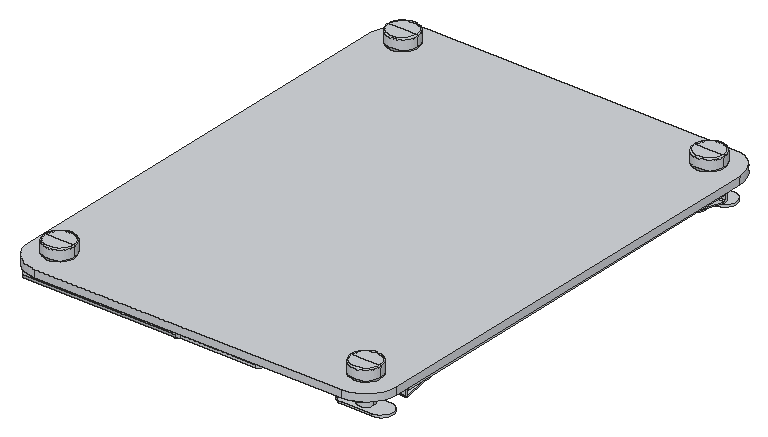
Revit family "Ghent - Swing Changeable Glassboard", category Generic Models, host Face, Revit 2019
Family settings
  Host = Face
  Can host rebar = No
  Round Connector Dimension = Use Diameter
  Part Type = Normal
  Cut with Voids When Loaded = No
  Shared = No
  Room Calculation Point = No
Parameters (values of type "16"H x 12"W")
  Width = 1' - 0"
  URL = "https://ghent.com/swing-changeable-glassboards"
  Model = "GGSW1612-XX"
  Manufacturer = "Ghent"  # constant formula
  Insert Slide Percentage (0 - 100) [instance] = 0
  Insert [instance] = none
  Height = 1' - 4"
  Hardware [instance] = none
  Glassboard Swing Angle Control [instance] = if([Glassboard Swing Angle (0 - 90)] < 0.00°, 0.00°, if([Glassboard Swing Angle (0 - 90)] > 90.00°, 90.00°, [Glassboard Swing Angle (0 - 90)]))  # 0.00°
  Glassboard Swing Angle (0 - 90) [instance] = 0.00°
  Glassboard [instance] = none
  Default Elevation = 4' - 0"
Types (6): name | Width | Model | Height
  (no name) | 1' - 0" | "GGSW1612-XX" | 1' - 4"
  16"H x 12"W | 1' - 0" | "GGSW1612-XX" | 1' - 4"
  24"H x 18"W | 1' - 6" | "GGSW2418-XX" | 2' - 0"
  24"H x 24"W | 2' - 0" | "GGSW2424-XX" | 2' - 0"
  30"H x 24"W | 2' - 0" | "GGSW3024-XX" | 2' - 6"
  36"H x 24"W | 2' - 0" | "GGSW3624-XX" | 3' - 0"
Reference planes (in)
  plane 1 "Center (Front/Back)": y = 0
  plane 2: z = 0
  plane 3 "Center (Left/Right)": x = 0
  plane 4: x = -5.6875
  plane 5: x = 5.6875
  plane 6: x = -6
  plane 7: x = 6
  plane 8: z = 0.30728
  plane 9 "b": y = -7
  plane 10: y = -8
  plane 11 "a": y = 7
  plane 12: y = 8
  plane 13: x = 5
  plane 14: x = -5
  plane 15 "2d": z = 0.89168
Forms (in)
  Extrusion 1, solid, material <- "Hardware"
    sketch origin (-19, 0, 0) x (1, 0, 0) y (0, 1, 0)
      loop
        arc (23.5, 7.375) -> (23.125, 7) -> (23.5, 6.625) r 0.375
        line (23.5, 6.625) -> (24.5, 6.625)
        arc (24.5, 6.625) -> (24.875, 7) -> (24.5, 7.375) r 0.375
        line (24.5, 7.375) -> (23.5, 7.375)
    from 0 to 0.06
  Extrusion 2, solid, material <- "Hardware"
    sketch origin (-19, 0, 0) x (1, 0, 0) y (0, 1, 0)
      loop
        circle (24, 7) r 0.25
    from 0 to 0.65368
  Extrusion 3, solid, material <- "Hardware"
    sketch origin (-19, 0, 0) x (1, 0, 0) y (0, 1, 0)
      loop
        line (23.5, -7.375) -> (24.5, -7.375)
        arc (24.5, -7.375) -> (24.875, -7) -> (24.5, -6.625) r 0.375
        line (24.5, -6.625) -> (23.5, -6.625)
        arc (23.5, -6.625) -> (23.125, -7) -> (23.5, -7.375) r 0.375
    from 0 to 0.06
  Extrusion 4, solid, material <- "Hardware"
    sketch origin (-19, 0, 0) x (1, 0, 0) y (0, 1, 0)
      loop
        circle (24, -7) r 0.25
    from 0 to 0.65368
Cuts and joins
  joined: Extrusion 1, Extrusion 2
  joined: Extrusion 3, Extrusion 4
Lines and regions (in)
  Masking region 1
    outline origin (-5.6875, 0, 0.30728) x (1, 0, 0) y (0, 0, 1)
      loop
        line (10.6875, 0) -> (10.4375, 0) -> (10.4375, -0.24728) -> (9.8125, -0.24728) -> (9.8125, -0.30728) -> (11.5625, -0.30728) -> (11.5625, -0.24728) -> (10.9375, -0.24728) -> (10.9375, 0) -> (10.6875, 0)
  reference lines
    curve 1: line (-5.6875, 0, 0.30728) -> (3.8125, 0, 0.30728)
Dimensions and locks (in)
  equal spacing: plane 4, plane 3 "Center (Left/Right)", plane 5
  locked: plane 6 to plane 4 at 0.3125
  locked: plane 7 to plane 5 at 0.3125
  "Width": plane 6 to plane 7
  locked: plane 10 to plane 9 "b" at 1
  locked: plane 12 to plane 11 "a" at 1
  equal spacing: plane 10, plane 1 "Center (Front/Back)", plane 12
  "Height": plane 10 to plane 12
  locked: plane 13 to plane 7 at 1
  locked: plane 13 to Extrusion 1 sketch curve at 0.5
  locked: Extrusion 1 sketch curve to plane 13 at 0.5
  locked: plane 14 to plane 6 at 1
  locked: Extrusion 3 sketch curve to plane 13 at 0.5
  locked: plane 13 to Extrusion 3 sketch curve at 0.5
  Masking region 1 sketch curve to plane 13 to Masking region 1 sketch curve = 0' - 0 1/4" locked, 0' - 0 1/4" locked
  Masking region 1 sketch curve to plane 13 to Masking region 1 sketch curve = 0' - 0 7/8" locked, 0' - 0 7/8" locked
  "Glassboard Swing Angle Control": angle plane 2 to curve 1
  aligned and locked: plane 2 to host face
  aligned and locked: level to host face
  aligned and locked: plane 8 to curve 1
  aligned and locked: plane 4 to nested 2
  aligned and locked: nested 2 to plane 9 "b"
  aligned and locked: nested 3 to plane 11 "a"
  aligned and locked: nested 3 to plane 4
  aligned and locked: plane 13 to Extrusion 2 sketch curve
  aligned and locked: plane 11 "a" to Extrusion 2 sketch curve
  aligned and locked: plane 13 to Extrusion 4 sketch curve
  aligned and locked: plane 9 "b" to Extrusion 4 sketch curve
Automatic sketch dimensions
  host sketch curve to host sketch curve = 8' - 0"  (x2)
  plane 11 "a" to Extrusion 1 sketch curve = 0' - 0"
  plane 11 "a" to Extrusion 1 sketch curve = 0' - 0 3/8"
  Extrusion 3 sketch curve to plane 9 "b" = 0' - 0"
  Extrusion 3 sketch curve to plane 9 "b" = 0' - 0 3/8"
  Masking region 1 sketch curve to curve 1 = 0' - 0"
  curve 1 to Masking region 1 sketch curve = 0' - 0.30728"
  curve 1 to Masking region 1 sketch curve = 0' - 0.24728"  (x2)
  Masking region 1 sketch curve to Masking region 1 sketch curve = 0' - 0 1/4"
  curve 1 to plane 4 = 0' - 0"
  radius of Extrusion 2 sketch curve = 0' - 0 1/4"
  radius of Extrusion 4 sketch curve = 0' - 0 1/4"
Nested families (in)
  nested 1: "Ghent - Swing Changeable Glassboard Unit FB" at (0, 0, 0.30728), type "Ghent - Swing Changeable Glassboard Unit FB"
  nested 2: "Ghent - Swing Changeable Glassboard Bracket" at (-2.0625, -7, 0), type "Ghent - Swing Changeable Glassboard Bracket"
  nested 3: "Ghent - Swing Changeable Glassboard Bracket" at (-2.0625, 7, 0), type "Ghent - Swing Changeable Glassboard Bracket"
Definition of nested family "Ghent - Swing Changeable Glassboard Unit FB"
  Parameters (values of type "Ghent - Swing Changeable Glassboard Unit FB")
    Width = 1' - 0"
    Insert Slide Percentage (0-100) = 0
    Insert = none
    Height = 1' - 4"
    Hardware = none
    Glassboard = none
    Default Elevation = 4' - 0"
  Reference planes (in)
    plane 1 "Center (Front/Back)": y = 0
    plane 2: z = 0
    plane 3 "Center (Left/Right)": x = 0
    plane 4: x = -5.6875
    plane 5: x = -6
    plane 6: x = 5.6875
    plane 7: x = 6
    plane 8: z = 0.00297
  Forms (in)
    Extrusion 1, solid
      sketch origin (0, 0, 0) x (1, 0, 0) y (0, 1, 0)
        loop
          line (-48, 48) -> (-48, -48) -> (48, -48) -> (48, 48) -> (-48, 48)
      from 0 to -12
  Lines and regions (in)
    reference lines
      curve 1: line (-5.6875, 0, 0.00297) -> (5.6875, 0, 0.00297)
  Dimensions and locks (in)
    locked: plane 4 to plane 5 at 0.3125
    locked: plane 6 to plane 7 at 0.3125
    "Width": plane 7 to plane 5
    aligned and locked: plane 2 to Extrusion 1
    aligned and locked: level to Extrusion 1
    aligned and locked: plane 4 to curve 1
    aligned and locked: plane 6 to curve 1
    aligned and locked: plane 8 to curve 1
    aligned and locked: plane 5 to nested 1
  Automatic sketch dimensions
    Extrusion 1 sketch curve to Extrusion 1 sketch curve = 8' - 0"  (x2)
  Nested families (in)
    nested 1: "Ghent - Swing Changeable Glassboard Unit" at (0, 0, 0.31725), Insert Slide Percentage (0-100) <- "Insert Slide Percentage (0-100)", type "Ghent - Swing Changeable Glassboard Unit"
      with Insert Slide Percentage (0-100) 0, Insert Slide Control 0, Insert Position 0' - 0 1/16"
  Definition of nested family "Ghent - Swing Changeable Glassboard Unit"
    Parameters (values of type "Ghent - Swing Changeable Glassboard Unit")
      Width = 1' - 0"
      Insert Width = Width - 0' 0 1/8"  # 0' - 11 7/8"
      Insert Slide Percentage (0-100) [instance] = 0
      Insert Position [instance] = if(Insert Slide Control = 0, 0' 0 1/16", if(Insert Slide Control = 100, Width - 0' 1", (Width) * (Insert Slide Control * 0.01)))  # 0' - 0 1/16"
      Insert Slide Control [instance] = if([Insert Slide Percentage (0-100)] < 0, 0, if([Insert Slide Percentage (0-100)] > 100, 100, [Insert Slide Percentage (0-100)]))  # 0
      Insert = none
      Height = 1' - 4"
      Hardware = none
      Glassboard = none
    Reference planes (in)
      plane 1 "Center Front/Back": y = 0
      plane 2: z = 0
      plane 3 "Center Left/Right": x = 0
      plane 4: y = 8
      plane 5: y = -8
      plane 6: x = -6
      plane 7: x = 6
      plane 8 "1": x = -5
      plane 9 "a": y = 7
      plane 10 "b": y = -7
      plane 11 "2": x = 5
      plane 12: x = -5.9375
      plane 13: y = 5.29821
      plane 14: y = -5.29821
      plane 15: y = 7.9375
      plane 16: x = 5.9375
      plane 17: y = -7.9375
      plane 18: y = 6.4375
      plane 19: y = -6.4375
      plane 20: x = -5.9375
      plane 21: z = -0.31725
    Forms (in)
      Extrusion 1, solid, material <- "Glassboard"
        sketch origin (0, 0, 0) x (1, 0, 0) y (0, 1, 0)
          loop
            line (-6, 7) -> (-6, -7)
            arc (-6, -7) -> (-5.70711, -7.70711) -> (-5, -8) r 1
            line (-5, -8) -> (5, -8)
            arc (5, -8) -> (5.70711, -7.70711) -> (6, -7) r 1
            line (6, -7) -> (6, 7)
            arc (6, 7) -> (5.70711, 7.70711) -> (5, 8) r 1
            line (5, 8) -> (-5, 8)
            arc (-5, 8) -> (-5.70711, 7.70711) -> (-6, 7) r 1
        from 0 to 0.238
      Revolve 2, solid, material <- "Hardware"
        sketch origin (0, 7, 0) x (-1, 0, 0) y (0, 0, 1)
          loop
            line (5, 0.6755) -> (5, -0.016) -> (5.181, -0.016) -> (5.181, 0.238) -> (5.311, 0.238) -> (5.311, 0.3005) -> (5.45896, 0.3005)
            arc (5.45896, 0.3005) -> (5.48106, 0.30965) -> (5.49021, 0.33175) r 0.03125
            line (5.49021, 0.33175) -> (5.49021, 0.64425)
            arc (5.49021, 0.64425) -> (5.48106, 0.66635) -> (5.45896, 0.6755) r 0.03125
            line (5.45896, 0.6755) -> (5, 0.6755)
          axis (5, 0.6755) -> (5, -0.016)
        angle from 0 to 360
      Revolve 3, solid, material <- "Hardware"
        sketch origin (0, -7, 0) x (-1, 0, 0) y (0, 0, 1)
          loop
            line (5, 0.6755) -> (5, -0.016) -> (5.181, -0.016) -> (5.181, 0.238) -> (5.311, 0.238) -> (5.311, 0.3005) -> (5.45896, 0.3005)
            arc (5.45896, 0.3005) -> (5.48106, 0.30965) -> (5.49021, 0.33175) r 0.03125
            line (5.49021, 0.33175) -> (5.49021, 0.64425)
            arc (5.49021, 0.64425) -> (5.48106, 0.66635) -> (5.45896, 0.6755) r 0.03125
            line (5.45896, 0.6755) -> (5, 0.6755)
          axis (5, 0.6755) -> (5, -0.016)
        angle from 0 to 360
      Revolve 4, solid, material <- "Hardware"
        sketch origin (0, 7, 0) x (1, 0, 0) y (0, 0, 1)
          loop
            line (5, 0.6755) -> (5, -0.016) -> (5.181, -0.016) -> (5.181, 0.238) -> (5.311, 0.238) -> (5.311, 0.3005) -> (5.45896, 0.3005)
            arc (5.45896, 0.3005) -> (5.48106, 0.30965) -> (5.49021, 0.33175) r 0.03125
            line (5.49021, 0.33175) -> (5.49021, 0.64425)
            arc (5.49021, 0.64425) -> (5.48106, 0.66635) -> (5.45896, 0.6755) r 0.03125
            line (5.45896, 0.6755) -> (5, 0.6755)
          axis (5, 0.6755) -> (5, -0.016)
        angle from 0 to 360
      Revolve 5, solid, material <- "Hardware"
        sketch origin (0, -7, 0) x (1, 0, 0) y (0, 0, 1)
          loop
            line (5, 0.6755) -> (5, -0.016) -> (5.181, -0.016) -> (5.181, 0.238) -> (5.311, 0.238) -> (5.311, 0.3005) -> (5.45896, 0.3005)
            arc (5.45896, 0.3005) -> (5.48106, 0.30965) -> (5.49021, 0.33175) r 0.03125
            line (5.49021, 0.33175) -> (5.49021, 0.64425)
            arc (5.49021, 0.64425) -> (5.48106, 0.66635) -> (5.45896, 0.6755) r 0.03125
            line (5.45896, 0.6755) -> (5, 0.6755)
          axis (5, 0.6755) -> (5, -0.016)
        angle from 0 to 360
      Sweep 6, solid, material <- "Hardware"
        path origin (0, 0, 0) x (1, 0, 0) y (0, 1, 0)
          loop
            line (-6, 0) -> (6, 0)
        profile origin (0, 0, 0) x (0, 1, 0) y (0, 0, 1)
          loop
            line (7.9375, 0) -> (6.5625, 0)
            arc (6.5625, 0) -> (6.51495, -0.0197) -> (6.49525, -0.06725) r 0.06725
            line (6.49525, -0.06725) -> (6.49525, -0.25)
            arc (6.49525, -0.25) -> (6.48367, -0.27429) -> (6.4575, -0.28057) r 0.03125
            line (6.4575, -0.28057) -> (5.79821, -0.14043) -> (5.29821, -0.14043) -> (5.29821, -0.17643) -> (5.79443, -0.17643) -> (6.45002, -0.31578)
            arc (6.45002, -0.31578) -> (6.50632, -0.30226) -> (6.53125, -0.25) r 0.06725
            line (6.53125, -0.25) -> (6.53125, -0.06725)
            arc (6.53125, -0.06725) -> (6.5404, -0.04515) -> (6.5625, -0.036) r 0.03125
            line (6.5625, -0.036) -> (7.9375, -0.036) -> (7.9375, 0)
      Extrusion 7, void
        sketch origin (0, 0, 0) x (1, 0, 0) y (0, 1, 0)
          loop
            arc (-5.9375, 7) -> (-5.66291, 7.66291) -> (-5, 7.9375) r 0.9375
            line (-5, 7.9375) -> (-6, 7.9375) -> (-6, 5.29821) -> (-5.56231, 5.29821)
            arc (-5.56231, 5.29821) -> (-5.82761, 5.4081) -> (-5.9375, 5.6734) r 0.37519
            line (-5.9375, 5.6734) -> (-5.9375, 7)
          loop
            line (5.9375, 7) -> (5.9375, 5.6734)
            arc (5.9375, 5.6734) -> (5.82761, 5.4081) -> (5.56231, 5.29821) r 0.37519
            line (5.56231, 5.29821) -> (6, 5.29821) -> (6, 7.9375) -> (5, 7.9375)
            arc (5, 7.9375) -> (5.66291, 7.66291) -> (5.9375, 7) r 0.9375
          loop
            line (-5.9375, -7) -> (-5.9375, -5.6734)
            arc (-5.9375, -5.6734) -> (-5.82761, -5.4081) -> (-5.56231, -5.29821) r 0.37519
            line (-5.56231, -5.29821) -> (-6, -5.29821) -> (-6, -7.9375) -> (-5, -7.9375)
            arc (-5, -7.9375) -> (-5.66291, -7.66291) -> (-5.9375, -7) r 0.9375
          loop
            arc (5.9375, -7) -> (5.66291, -7.66291) -> (5, -7.9375) r 0.9375
            line (5, -7.9375) -> (6, -7.9375) -> (6, -5.29821) -> (5.56231, -5.29821)
            arc (5.56231, -5.29821) -> (5.82761, -5.4081) -> (5.9375, -5.6734) r 0.37519
            line (5.9375, -5.6734) -> (5.9375, -7)
        from -0.37347 to 0
      Sweep 8, solid, material <- "Hardware"
        path origin (0, 0, 0) x (1, 0, 0) y (0, 1, 0)
          loop
            line (-6, 0) -> (6, 0)
        profile origin (0, 0, 0) x (0, 1, 0) y (0, 0, 1)
          loop
            line (-7.9375, 0) -> (-7.9375, -0.036) -> (-6.5625, -0.036)
            arc (-6.5625, -0.036) -> (-6.5404, -0.04515) -> (-6.53125, -0.06725) r 0.03125
            line (-6.53125, -0.06725) -> (-6.53125, -0.25)
            arc (-6.53125, -0.25) -> (-6.50632, -0.30226) -> (-6.45002, -0.31578) r 0.06725
            line (-6.45002, -0.31578) -> (-5.79443, -0.17643) -> (-5.29821, -0.17643) -> (-5.29821, -0.14043) -> (-5.79821, -0.14043) -> (-6.4575, -0.28057)
            arc (-6.4575, -0.28057) -> (-6.48367, -0.27429) -> (-6.49525, -0.25) r 0.03125
            line (-6.49525, -0.25) -> (-6.49525, -0.06725)
            arc (-6.49525, -0.06725) -> (-6.51495, -0.0197) -> (-6.5625, 0) r 0.06725
            line (-6.5625, 0) -> (-7.9375, 0)
      Extrusion 9, solid, material <- "Insert"
        sketch origin (0, 0, 0) x (1, 0, 0) y (0, 1, 0)
          loop
            line (-5.9375, 6.4375) -> (-5.9375, -6.4375) -> (5.9375, -6.4375) -> (5.9375, 6.4375) -> (-5.9375, 6.4375)
        from -0.11811 to 0
    Cuts and joins
      Extrusion 7 cuts Extrusion 1
      Extrusion 7 cuts Sweep 6
      Extrusion 7 cuts Sweep 8
    Lines and regions (in)
      Masking region 1
        outline origin (0, 7, 0) x (-1, 0, 0) y (0, 0, 1)
          loop
            line (6, 0.238) -> (-6, 0.238) -> (-6, 0) -> (-5.9375, 0) -> (-5.9375, -0.31708) -> (5.9375, -0.31708) -> (5.9375, 0) -> (6, 0) -> (6, 0.238)
      Masking region 2
        outline origin (0, 7, 0) x (-1, 0, 0) y (0, 0, 1)
          loop
            arc (4.54104, 0.6755) -> (4.51894, 0.66635) -> (4.50979, 0.64425) r 0.03125
            line (4.50979, 0.64425) -> (4.50979, 0.33175)
            arc (4.50979, 0.33175) -> (4.51894, 0.30965) -> (4.54104, 0.3005) r 0.03125
            line (4.54104, 0.3005) -> (4.689, 0.3005) -> (4.689, 0.238) -> (5.311, 0.238) -> (5.311, 0.3005) -> (5.45896, 0.3005)
            arc (5.45896, 0.3005) -> (5.48106, 0.30965) -> (5.49021, 0.33175) r 0.03125
            line (5.49021, 0.33175) -> (5.49021, 0.64425)
            arc (5.49021, 0.64425) -> (5.48106, 0.66635) -> (5.45896, 0.6755) r 0.03125
            line (5.45896, 0.6755) -> (4.54104, 0.6755)
      Masking region 3
        outline origin (0, 7, 0) x (-1, 0, 0) y (0, 0, 1)
          loop
            arc (-5.45896, 0.6755) -> (-5.48106, 0.66635) -> (-5.49021, 0.64425) r 0.03125
            line (-5.49021, 0.64425) -> (-5.49021, 0.33175)
            arc (-5.49021, 0.33175) -> (-5.48106, 0.30965) -> (-5.45896, 0.3005) r 0.03125
            line (-5.45896, 0.3005) -> (-5.311, 0.3005) -> (-5.311, 0.238) -> (-4.689, 0.238) -> (-4.689, 0.3005) -> (-4.54104, 0.3005)
            arc (-4.54104, 0.3005) -> (-4.51894, 0.30965) -> (-4.50979, 0.33175) r 0.03125
            line (-4.50979, 0.33175) -> (-4.50979, 0.64425)
            arc (-4.50979, 0.64425) -> (-4.51894, 0.66635) -> (-4.54104, 0.6755) r 0.03125
            line (-4.54104, 0.6755) -> (-5.45896, 0.6755)
      symbolic lines
        curve 1: line (-5.9375, 7, 0) -> (5.9375, 7, 0)
    Dimensions and locks (in)
      plane 4 to plane 9 "a" = 0' - 1"
      locked: plane 6 to plane 8 "1" at 1
      plane 5 to plane 10 "b" = 0' - 1"
      locked: plane 7 to plane 11 "2" at 1
      equal spacing: plane 6, plane 3 "Center Left/Right", plane 7
      equal spacing: plane 4, plane 1 "Center Front/Back", plane 5
      "Height": plane 4 to plane 5
      "Width": plane 6 to plane 7
      plane 6 to plane 12 = 0' - 0 1/16"
      locked: plane 9 "a" to plane 13 at 1.70179
      locked: plane 10 "b" to plane 14 at 1.70179
      locked: plane 4 to plane 15 at 0.0625
      plane 7 to plane 16 = 0' - 0 1/16"
      locked: plane 5 to plane 17 at 0.0625
      locked: plane 15 to plane 18 at 1.5
      locked: plane 17 to plane 19 at 1.5
      "Insert Position": plane 6 to plane 20
      "Insert Width": Extrusion 9 sketch curve to Extrusion 9 sketch curve
      Masking region 2 sketch curve to plane 8 "1" to Masking region 2 sketch curve = 0' - 0.49021" locked, 0' - 0.49021" locked
      Masking region 2 sketch curve to plane 8 "1" to Masking region 2 sketch curve = 0' - 0.311" locked, 0' - 0.311" locked
      Masking region 3 sketch curve to plane 11 "2" to Masking region 3 sketch curve = 0' - 0.49021" locked, 0' - 0.49021" locked
      Masking region 3 sketch curve to plane 11 "2" to Masking region 3 sketch curve = 0' - 0.311" locked, 0' - 0.311" locked
      aligned and locked: level to plane 2
      aligned and locked: plane 8 "1" to Revolve 2 sketch curve  (x2)
      aligned and locked: Revolve 5 sketch curve to plane 11 "2"  (x2)
      aligned and locked: Revolve 4 sketch curve to plane 11 "2"  (x2)
      aligned and locked: plane 6 to Sweep 6 sketch curve
      aligned and locked: plane 7 to Sweep 6 sketch curve
      aligned and locked: Extrusion 7 sketch curve to plane 12
      aligned and locked: Extrusion 7 sketch curve to plane 13
      aligned and locked: plane 6 to Extrusion 7 sketch curve
      aligned and locked: Extrusion 7 sketch curve to plane 15
      aligned and locked: Extrusion 7 sketch curve to plane 7
      aligned and locked: plane 13 to Extrusion 7 sketch curve
      aligned and locked: plane 14 to Extrusion 7 sketch curve
      aligned and locked: Extrusion 7 sketch curve to plane 14
      aligned and locked: plane 7 to Extrusion 7 sketch curve
      aligned and locked: Extrusion 7 sketch curve to plane 17
      aligned and locked: plane 17 to Extrusion 7 sketch curve
      aligned and locked: plane 15 to Sweep 6 sketch curve
      aligned and locked: Sweep 6 sketch curve to plane 13
      aligned and locked: plane 14 to Sweep 8 sketch curve
      aligned and locked: Sweep 8 sketch curve to plane 17
      aligned and locked: Extrusion 9 sketch curve to plane 18
      aligned and locked: Extrusion 9 sketch curve to plane 19
      aligned and locked: plane 20 to Extrusion 9 sketch curve
      aligned and locked: plane 7 to Masking region 1 sketch curve
      aligned and locked: plane 6 to Masking region 1 sketch curve
      aligned and locked: Masking region 1 sketch curve to plane 12
      aligned and locked: Masking region 1 sketch curve to plane 16
      aligned and locked: plane 16 to curve 1
      aligned and locked: plane 12 to curve 1
    Automatic sketch dimensions
      Extrusion 1 sketch curve to plane 6 = 0' - 0"
      Extrusion 1 sketch curve to plane 5 = 0' - 0"
      Extrusion 1 sketch curve to plane 8 "1" = 0' - 0"  (x2)
      Extrusion 1 sketch curve to plane 4 = 0' - 0"
      plane 9 "a" to Extrusion 1 sketch curve = 0' - 0"
      Extrusion 1 sketch curve to plane 11 "2" = 0' - 0"  (x2)
      Revolve 2 sketch curve to level = 0' - 0.016"
      plane 8 "1" to Revolve 2 sketch curve = 0' - 0.181"
      Revolve 2 sketch curve to Revolve 2 sketch curve = 0' - 0.13"
      Revolve 2 sketch curve to Revolve 2 sketch curve = 0' - 0.14796"
      Revolve 2 sketch curve to Revolve 2 sketch curve = 0' - 0"
      Revolve 2 sketch curve to Revolve 2 sketch curve = 0' - 0 1/32"
      level to Revolve 2 sketch curve = 0' - 0.238"
      Revolve 2 sketch curve to Revolve 2 sketch curve = 0' - 0 1/16"
      Revolve 2 sketch curve to Revolve 2 sketch curve = 0' - 0 5/16"
      Revolve 2 sketch curve to Revolve 2 sketch curve = 0' - 0.62841"
      Revolve 2 sketch curve to Revolve 2 sketch curve = 0' - 0.15203"
      plane 8 "1" to Revolve 3 sketch curve = 0' - 0"  (x2)
      level to Revolve 3 sketch curve = 0' - 0.016"
      Revolve 3 sketch curve to plane 8 "1" = 0' - 0.181"
      Revolve 3 sketch curve to Revolve 3 sketch curve = 0' - 0.13"
      Revolve 3 sketch curve to Revolve 3 sketch curve = 0' - 0.14796"
      Revolve 3 sketch curve to Revolve 3 sketch curve = 0' - 0"
      Revolve 3 sketch curve to Revolve 3 sketch curve = 0' - 0 1/32"
      Revolve 3 sketch curve to level = 0' - 0.238"
      Revolve 3 sketch curve to Revolve 3 sketch curve = 0' - 0 1/16"
      Revolve 3 sketch curve to Revolve 3 sketch curve = 0' - 0 5/16"
      Revolve 3 sketch curve to Revolve 3 sketch curve = 0' - 0.62841"
      Revolve 3 sketch curve to Revolve 3 sketch curve = 0' - 0.15203"
      level to Revolve 4 sketch curve = 0' - 0.016"
      Revolve 4 sketch curve to plane 11 "2" = 0' - 0.181"
      Revolve 4 sketch curve to Revolve 4 sketch curve = 0' - 0.13"
      Revolve 4 sketch curve to Revolve 4 sketch curve = 0' - 0.14796"
      Revolve 4 sketch curve to Revolve 4 sketch curve = 0' - 0"
      Revolve 4 sketch curve to Revolve 4 sketch curve = 0' - 0 1/32"
      Revolve 4 sketch curve to level = 0' - 0.238"
      Revolve 4 sketch curve to Revolve 4 sketch curve = 0' - 0 1/16"
      Revolve 4 sketch curve to Revolve 4 sketch curve = 0' - 0 5/16"
      Revolve 4 sketch curve to Revolve 4 sketch curve = 0' - 0.62841"
      Revolve 4 sketch curve to Revolve 4 sketch curve = 0' - 0.15203"
      Revolve 5 sketch curve to level = 0' - 0.016"
      plane 11 "2" to Revolve 5 sketch curve = 0' - 0.181"
      Revolve 5 sketch curve to Revolve 5 sketch curve = 0' - 0.13"
      Revolve 5 sketch curve to Revolve 5 sketch curve = 0' - 0.14796"
      Revolve 5 sketch curve to Revolve 5 sketch curve = 0' - 0"
      Revolve 5 sketch curve to Revolve 5 sketch curve = 0' - 0 1/32"
      level to Revolve 5 sketch curve = 0' - 0.238"
      Revolve 5 sketch curve to Revolve 5 sketch curve = 0' - 0 1/16"
      Revolve 5 sketch curve to Revolve 5 sketch curve = 0' - 0 5/16"
      Revolve 5 sketch curve to Revolve 5 sketch curve = 0' - 0.62841"
      Revolve 5 sketch curve to Revolve 5 sketch curve = 0' - 0.15203"
      plane 1 "Center Front/Back" to Sweep 6 sketch curve = 0' - 0"
      Sweep 6 sketch curve to Sweep 6 sketch curve = 0' - 0"  (x4)
      Sweep 6 sketch curve to level = 0' - 0"
      Sweep 6 sketch curve to level = 0' - 0.14043"
      Sweep 6 sketch curve to level = 0' - 0.17643"
      Sweep 6 sketch curve to Sweep 6 sketch curve = 0' - 0.49622"
      Sweep 6 sketch curve to Sweep 6 sketch curve = 0' - 0.00378"
      Sweep 6 sketch curve to level = 0' - 0.31578"
      Sweep 6 sketch curve to Sweep 6 sketch curve = 0' - 0.65559"
      Sweep 6 sketch curve to level = 0' - 0.28057"
      Sweep 6 sketch curve to Sweep 6 sketch curve = 0' - 0.00748"
      Sweep 6 sketch curve to Sweep 6 sketch curve = 0' - 0.0065"
      Sweep 6 sketch curve to level = 0' - 0.06725"
      Sweep 6 sketch curve to Sweep 6 sketch curve = 0' - 0 1/32"
      Extrusion 7 sketch curve to plane 6 = 0' - 0"
      Extrusion 7 sketch curve to plane 12 = 0' - 0"
      plane 14 to Extrusion 7 sketch curve = 0' - 0"  (x2)
      Extrusion 7 sketch curve to plane 13 = 0' - 0"  (x2)
      Extrusion 7 sketch curve to plane 8 "1" = 0' - 0"  (x5)
      Extrusion 7 sketch curve to plane 11 "2" = 0' - 0"  (x5)
      plane 9 "a" to Extrusion 7 sketch curve = 0' - 0"
      Extrusion 7 sketch curve to plane 16 = 0' - 0"  (x2)
      plane 10 "b" to Extrusion 7 sketch curve = 0' - 0"  (x2)
      Extrusion 7 sketch curve to plane 9 "a" = 0' - 0"
      Extrusion 7 sketch curve to plane 15 = 0' - 0"
      plane 12 to Extrusion 7 sketch curve = 0' - 0.37519"
      Extrusion 7 sketch curve to Extrusion 7 sketch curve = 0' - 0.37519"  (x3)
      Extrusion 7 sketch curve to Extrusion 7 sketch curve = 0' - 0"  (x5)
      plane 16 to Extrusion 7 sketch curve = 0' - 0.37519"
      plane 1 "Center Front/Back" to Sweep 8 sketch curve = 0' - 0"
      Sweep 8 sketch curve to plane 6 = 0' - 0"
      Sweep 8 sketch curve to plane 7 = 0' - 0"
      Sweep 8 sketch curve to Sweep 8 sketch curve = 0' - 0"  (x4)
      Sweep 8 sketch curve to level = 0' - 0"
      Sweep 8 sketch curve to level = 0' - 0.06725"
      Sweep 8 sketch curve to Sweep 8 sketch curve = 0' - 0.036"
      Sweep 8 sketch curve to Sweep 8 sketch curve = 0' - 0 1/32"
      Sweep 8 sketch curve to level = 0' - 0.28057"
      Sweep 8 sketch curve to Sweep 8 sketch curve = 0' - 0.0065"
      Sweep 8 sketch curve to level = 0' - 0.31578"
      Sweep 8 sketch curve to level = 0' - 0.14043"
      Sweep 8 sketch curve to Sweep 8 sketch curve = 0' - 0.65929"
      Sweep 8 sketch curve to level = 0' - 0.17643"
      Sweep 8 sketch curve to Sweep 8 sketch curve = 0' - 0.00378"
      Sweep 8 sketch curve to Sweep 8 sketch curve = 0' - 0.49622"
      Masking region 1 sketch curve to level = 0' - 0"  (x2)
      Masking region 1 sketch curve to Masking region 1 sketch curve = 0' - 0.31708"
      level to Masking region 1 sketch curve = 0' - 0.238"
      curve 1 to level = 0' - 0"
      Masking region 2 sketch curve to Masking region 2 sketch curve = 0' - 0"  (x2)
      Masking region 2 sketch curve to Masking region 2 sketch curve = 0' - 0 1/32"  (x2)
      Masking region 2 sketch curve to Masking region 2 sketch curve = 0' - 0 1/16"  (x2)
      Masking region 2 sketch curve to Masking region 2 sketch curve = 0' - 0 5/16"
      level to Masking region 2 sketch curve = 0' - 0.238"
      Masking region 3 sketch curve to Masking region 3 sketch curve = 0' - 0 1/32"  (x4)
      level to Masking region 3 sketch curve = 0' - 0.238"
      Masking region 3 sketch curve to Masking region 3 sketch curve = 0' - 0 1/16"  (x2)
      Masking region 3 sketch curve to Masking region 3 sketch curve = 0' - 0 5/16"
Definition of nested family "Ghent - Swing Changeable Glassboard Bracket"
  Parameters (values of type "Ghent - Swing Changeable Glassboard Bracket")
    Hardware = none
  Reference planes (in)
    plane 1 "Center Front/Back": y = 0
    plane 2: z = 0
    plane 3 "Center Left/Right": x = 0
    plane 4: x = -3.625
  Forms (in)
    Extrusion 1, solid, material <- "Hardware"
      sketch origin (0, 0, 0) x (0, 1, 0) y (0, 0, 1)
        loop
          line (0.42213, 0.67596) -> (0.32813, 0.67596) -> (0.32812, 0.1565)
          arc (0.32812, 0.1565) -> (0.30982, 0.11231) -> (0.26562, 0.094) r 0.0625
          line (0.26562, 0.094) -> (-0.26563, 0.094)
          arc (-0.26563, 0.094) -> (-0.30982, 0.11231) -> (-0.32813, 0.1565) r 0.0625
          line (-0.32813, 0.1565) -> (-0.32813, 0.67596) -> (-0.42212, 0.67596) -> (-0.42213, 0.1565)
          arc (-0.42213, 0.1565) -> (-0.37629, 0.04584) -> (-0.26563, 0) r 0.1565
          line (-0.26563, 0) -> (0.26563, 0)
          arc (0.26563, 0) -> (0.37629, 0.04584) -> (0.42213, 0.1565) r 0.1565
          line (0.42213, 0.1565) -> (0.42213, 0.67596)
      from -3.80851 to 3.8125
    Extrusion 2, void
      sketch origin (0, 0, 0) x (1, 0, 0) y (0, 0, 1)
        loop
          line (-3.61826, 0.62453) -> (1.1266, 0.29319)
          arc (1.1266, 0.29319) -> (1.16991, 0.27254) -> (1.1875, 0.2279) r 0.06546
          line (1.1875, 0.2279) -> (1.1875, 0.094) -> (3.9375, 0.094) -> (3.9375, 0.79053) -> (-3.93741, 0.79053) -> (-3.93741, 0) -> (-3.80851, 0) -> (-3.80851, 0.4471)
          arc (-3.80851, 0.4471) -> (-3.75196, 0.57718) -> (-3.61826, 0.62453) r 0.17786
      from -0.63798 to 0.69967
    Extrusion 3, void
      sketch origin (0, 0, 0) x (1, 0, 0) y (0, 1, 0)
        loop
          line (1.1875, 0.48437) -> (1.1875, 0.26562) -> (3.6875, 0.26562)
          arc (3.6875, 0.26562) -> (3.77589, 0.22901) -> (3.8125, 0.14062) r 0.125
          line (3.8125, 0.14062) -> (3.8125, -0.14062)
          arc (3.8125, -0.14062) -> (3.77589, -0.22901) -> (3.6875, -0.26562) r 0.125
          line (3.6875, -0.26562) -> (1.1875, -0.26562) -> (1.1875, -0.51563) -> (4.02169, -0.51563) -> (4.02169, 0.48437) -> (1.1875, 0.48437)
      from -0.07804 to 0.17512
  Cuts and joins
    Extrusion 2, Extrusion 3 cuts Extrusion 1
  Lines and regions (in)
    Masking region 1
      outline origin (0, 0, 0) x (1, 0, 0) y (0, 0, 1)
        loop
          line (-3.80851, 0) -> (3.8125, 0) -> (3.8125, 0.094) -> (1.1875, 0.094) -> (1.1875, 0.2279)
          arc (1.1875, 0.2279) -> (1.16991, 0.27254) -> (1.1266, 0.29319) r 0.06546
          line (1.1266, 0.29319) -> (-3.61826, 0.62453)
          arc (-3.61826, 0.62453) -> (-3.75196, 0.57718) -> (-3.80851, 0.4471) r 0.17786
          line (-3.80851, 0.4471) -> (-3.80851, 0)
  Dimensions and locks (in)
    aligned and locked: level to plane 2
